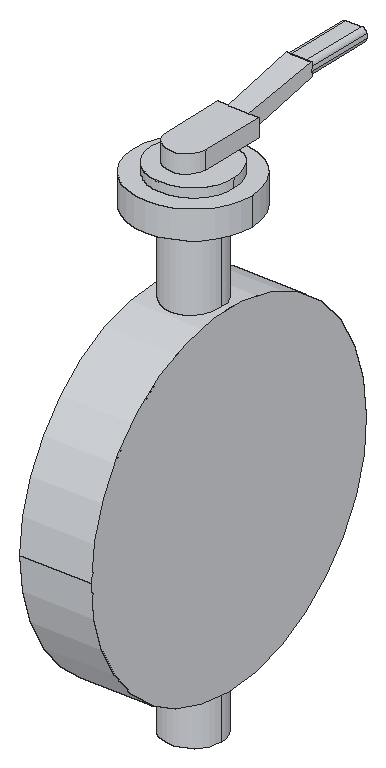
Revit family "HS497-67_disk-litina-s pákou DN300-RFA_2018", category Pipe Accessories, Revit 2018
Family settings
  Round Connector Dimension = Use Diameter
  Part Type = Valve - Breaks Into
  Work Plane-Based = No
  Always vertical = Yes
  Cut with Voids When Loaded = No
  Shared = No
Parameters (values of type "HS 497-67_DN300_PN16_s pákou")
  magiProductId = ""
  magiProductFamilyId = "53cea81e6f374d17b8841d9c72ad77"
  magiPartTypeId = 305
  isMeasuringValve [instance] = no
  ang2D [instance] = 0.00°
  X11 = 88.77 mm
  X1 = 36.77 mm
  W2D = 1000 mm
  VersionID = "2.0/2017.9.26.1/ZETKAMA_497_001"
  Use Minimum Symbol Size [instance] = yes
  URL = "http://www.hydronix.cz"
  Type Comments = "mezipřírubová; litinový disk; PN16; -10~+110°C (krátkodobě +120°C)"
  SW30 = no
  SW3 = no
  SW21 = no
  SW20 = yes
  SW2 = yes
  SW1 = no
  R = 150 mm
  QmdConnectorList = "301;D;302;D"
  Productdata [instance] = ""
  NC = 70 mm
  Model = ""
  Manufacturer = "Hydronix"  # constant formula
  MM20 = 36.77 mm
  MC Product Code = "120 300 (litinový disk, s pákou; DN300; PN16, kvs7037)"
  M41 = 91.5 mm
  M4 = 61 mm
  LHL = 220 mm
  LHH3 = 2.45 mm
  LHH1 = 46.55 mm
  LH1 = 73.333 mm
  L4R__ve = -L4R  # -22.2 mm
  L4R = 22.2 mm
  L42__ve = -L42  # -166.5 mm
  L42 = 166.5 mm
  L41__ve = -L41  # -33.3 mm
  L41 = 33.3 mm
  L2D_Min = 3048 mm
  L2D = 216 mm
  L2 = 39 mm
  L1 = 62.4 mm
  L = 78 mm
  H = 23 mm
  G22 = 11.25 mm
  G2 = 22.5 mm
  G1 = 90 mm
  G = 130 mm
  F = 22 mm
  E44 = 62.5 mm
  E42 = 125 mm
  E4 = 250 mm
  E23 = 4.9 mm
  E22 = 19.6 mm
  E21 = 9.8 mm
  Description = "Mezipřírubová uzavírací klapka s pákou; litinový disk, DN300; PN16; kvs7037"
  DR2 = 150 mm
  DR = 376 mm
  DD1 = 31.25 mm
  DD = 25 mm
  D = 300 mm
  CAT0 = yes
  B2__ve = -B2  # -90 mm
  B2 = 90 mm
  A2 = 30.8 mm
  A1 = 127.2 mm
Types (43, lengths in mm): name | magiProductId | X11 | X1 | Type Comments | SW30 | SW3 | SW20 | SW2 | SW1 | R | NC | MM20 | MC Product Code | M41 | M4 | LHL | LHH3 | LHH1 | LH1 | L4R__ve | L4R | L42__ve | L42 | L41__ve | L41 | L2 | L1 | L | H | G | F | E44 | E42 | E4 | E23 | E22 | E21 | Description | DR2 | DR | DD1 | DD | D | B2__ve | B2 | A2 | A1
  HS 497-67_DN100_PN16_volné vřeteno | "65d1b245f4f142c78569c0602d5754" | 61.456 | 25.456 | "mezipřírubová; litinový disk; PN16; -10~+110°C (krátkodobě +120°C)" | no | no | no | no | yes | 50 | 50 | 25.456 | "123 100 (litinový disk, s volným vřetenem; DN100; PN16, kvs512)" | 66 | 44 | 220 | 2.45 | 46.55 | 73.333 | -12.8 | 12.8 | -96 | 96 | -19.2 | 19.2 | 26 | 41.6 | 52 | 30 | 90 | 11 | 31.25 | 62.5 | 125 | 4.9 | 19.6 | 9.8 | "Mezipřírubová uzavírací klapka s volným vřetenem; litinový disk, DN100; PN16; kvs512" | 50 | 147 | 15.625 | 12.5 | 100 | -56 | 56 | 16.5 | 98.5
  HS 497-67_DN100_PN16_převodové kolo | "11e91b807e674d428c8e796fcdcfe2" | 61.456 | 25.456 | "mezipřírubová; litinový disk; PN16; -10~+110°C (krátkodobě +120°C)" | yes | yes | no | no | no | 50 | 50 | 25.456 | "125 100 (litinový disk, s převodovým kolem; DN100; PN16, kvs512)" | 65.25 | 43.5 | 220 | 2.45 | 46.55 | 73.333 | -12.8 | 12.8 | -96 | 96 | -19.2 | 19.2 | 26 | 41.6 | 52 | 30 | 90 | 11 | 31.25 | 62.5 | 125 | 4.9 | 19.6 | 9.8 | "Mezipřírubová uzavírací klapka s převodovým kolem; litinový disk, DN100; PN16; kvs512" | 50 | 147 | 15.625 | 12.5 | 100 | -56 | 56 | 16.5 | 98.5
  HS 497-67_DN100_PN16_s pákou | "28172f0b3f4b47b28323ac71cf8749" | 61.456 | 25.456 | "mezipřírubová; litinový disk; PN16; -10~+110°C (krátkodobě +120°C)" | no | no | yes | yes | no | 50 | 50 | 25.456 | "120 100 (litinový disk, s pákou; DN100; PN16, kvs512)" | 66 | 44 | 260 | 3 | 57 | 86.667 | -12.8 | 12.8 | -96 | 96 | -19.2 | 19.2 | 26 | 41.6 | 52 | 30 | 90 | 11 | 31.25 | 62.5 | 125 | 6 | 24 | 12 | "Mezipřírubová uzavírací klapka s pákou; litinový disk, DN100; PN16; kvs512" | 50 | 147 | 15.625 | 12.5 | 100 | -56 | 56 | 16.5 | 98.5
  HS 497-67_DN125_PN16_volné vřeteno | "0d813d910fc14f628bb3c2efbd185c" | 61.456 | 25.456 | "mezipřírubová; litinový disk; PN16; -10~+110°C (krátkodobě +120°C)" | no | no | no | no | yes | 62.5 | 50 | 25.456 | "123 125 (litinový disk, s volným vřetenem; DN125; PN16, kvs872)" | 66 | 44 | 220 | 2.45 | 46.55 | 73.333 | -12.8 | 12.8 | -96 | 96 | -19.2 | 19.2 | 28 | 44.8 | 56 | 33 | 90 | 14 | 31.25 | 62.5 | 125 | 4.9 | 19.6 | 9.8 | "Mezipřírubová uzavírací klapka s volným vřetenem; litinový disk, DN125; PN16; kvs872" | 62.5 | 180 | 15.625 | 12.5 | 125 | -64 | 64 | 18 | 99.5
  HS 497-67_DN125_PN16_převodové kolo | "c56b7c13f372467684996fb1e0e229" | 61.456 | 25.456 | "mezipřírubová; litinový disk; PN16; -10~+110°C (krátkodobě +120°C)" | yes | yes | no | no | no | 62.5 | 50 | 25.456 | "125 125 (litinový disk, s převodovým kolem; DN125; PN16, kvs872)" | 65.25 | 43.5 | 220 | 2.45 | 46.55 | 73.333 | -13.5 | 13.5 | -101.25 | 101.25 | -20.25 | 20.25 | 28 | 44.8 | 56 | 33 | 90 | 14 | 40 | 80 | 160 | 4.9 | 19.6 | 9.8 | "Mezipřírubová uzavírací klapka s převodovým kolem; litinový disk, DN125; PN16; kvs872" | 62.5 | 180 | 20 | 16 | 125 | -64 | 64 | 18 | 99.5
  HS 497-67_DN125_PN16_s pákou | "105993c79a91492399feef7931321a" | 61.456 | 25.456 | "mezipřírubová; litinový disk; PN16; -10~+110°C (krátkodobě +120°C)" | no | no | yes | yes | no | 62.5 | 50 | 25.456 | "120 125 (litinový disk, s pákou; DN125; PN16, kvs872)" | 66 | 44 | 315 | 3.75 | 71.25 | 105 | -12.8 | 12.8 | -96 | 96 | -19.2 | 19.2 | 28 | 44.8 | 56 | 33 | 90 | 14 | 31.25 | 62.5 | 125 | 7.5 | 30 | 15 | "Mezipřírubová uzavírací klapka s pákou; litinový disk, DN125; PN16; kvs872" | 62.5 | 180 | 15.625 | 12.5 | 125 | -64 | 64 | 18 | 99.5
  HS 497-67_DN150_PN16_volné vřeteno | "50c80cb8ab434f55ab7796e5ac1331" | 61.456 | 25.456 | "mezipřírubová; litinový disk; PN16; -10~+110°C (krátkodobě +120°C)" | no | no | no | no | yes | 75 | 50 | 25.456 | "123 150 (litinový disk, s volným vřetenem; DN150; PN16, kvs1347)" | 66 | 44 | 220 | 2.45 | 46.55 | 73.333 | -12.8 | 12.8 | -96 | 96 | -19.2 | 19.2 | 28 | 44.8 | 56 | 33 | 90 | 14 | 31.25 | 62.5 | 125 | 4.9 | 19.6 | 9.8 | "Mezipřírubová uzavírací klapka s volným vřetenem; litinový disk, DN150; PN16; kvs1347" | 75 | 206 | 15.625 | 12.5 | 150 | -58 | 58 | 19.3 | 98.7
  HS 497-67_DN150_PN16_převodové kolo | "d94a1a0cf83b476eb10011b327f709" | 61.456 | 25.456 | "mezipřírubová; litinový disk; PN16; -10~+110°C (krátkodobě +120°C)" | yes | yes | no | no | no | 75 | 50 | 25.456 | "125 150 (litinový disk, s převodovým kolem; DN150; PN16, kvs1347)" | 65.25 | 43.5 | 220 | 2.45 | 46.55 | 73.333 | -13.5 | 13.5 | -101.25 | 101.25 | -20.25 | 20.25 | 28 | 44.8 | 56 | 33 | 90 | 14 | 40 | 80 | 160 | 4.9 | 19.6 | 9.8 | "Mezipřírubová uzavírací klapka s převodovým kolem; litinový disk, DN150; PN16; kvs1347" | 75 | 206 | 20 | 16 | 150 | -58 | 58 | 19.3 | 98.7
  HS 497-67_DN150_PN16_s pákou | "4d2835523fe84828bc50ff0a5a0dfb" | 61.456 | 25.456 | "mezipřírubová; litinový disk; PN16; -10~+110°C (krátkodobě +120°C)" | no | no | yes | yes | no | 75 | 50 | 25.456 | "120 150 (litinový disk, s pákou; DN150; PN16, kvs1347)" | 66 | 44 | 315 | 3.75 | 71.25 | 105 | -12.8 | 12.8 | -96 | 96 | -19.2 | 19.2 | 28 | 44.8 | 56 | 33 | 90 | 14 | 31.25 | 62.5 | 125 | 7.5 | 30 | 15 | "Mezipřírubová uzavírací klapka s pákou; litinový disk, DN150; PN16; kvs1347" | 75 | 206 | 15.625 | 12.5 | 150 | -58 | 58 | 19.3 | 98.7
  HS 497-67_DN200_PN16_volné vřeteno | "5b29029eaeba47139ee1055a4b9201" | 61.456 | 25.456 | "mezipřírubová; litinový disk; PN16; -10~+110°C (krátkodobě +120°C)" | no | no | no | no | yes | 100 | 50 | 25.456 | "123 200 (litinový disk, s volným vřetenem; DN200; PN16, kvs2675)" | 66 | 44 | 220 | 2.45 | 46.55 | 73.333 | -12.8 | 12.8 | -96 | 96 | -19.2 | 19.2 | 30 | 48 | 60 | 33 | 90 | 17 | 31.25 | 62.5 | 125 | 4.9 | 19.6 | 9.8 | "Mezipřírubová uzavírací klapka s volným vřetenem; litinový disk, DN200; PN16; kvs2675" | 100 | 257 | 15.625 | 12.5 | 200 | -70 | 70 | 22.5 | 102.5
  HS 497-67_DN200_PN16_převodové kolo | "b2793cc1fcc44cf2a35062cd67c04f" | 61.456 | 25.456 | "mezipřírubová; litinový disk; PN16; -10~+110°C (krátkodobě +120°C)" | yes | yes | no | no | no | 100 | 57 | 25.456 | "125 200 (litinový disk, s převodovým kolem; DN200; PN16, kvs2675)" | 78.75 | 52.5 | 220 | 2.45 | 46.55 | 73.333 | -15.2 | 15.2 | -114 | 114 | -22.8 | 22.8 | 30 | 48 | 60 | 33 | 90 | 17 | 50 | 100 | 200 | 4.9 | 19.6 | 9.8 | "Mezipřírubová uzavírací klapka s převodovým kolem; litinový disk, DN200; PN16; kvs2675" | 100 | 257 | 25 | 20 | 200 | -70 | 70 | 22.5 | 102.5
  HS 497-67_DN200_PN16_s pákou | "f88d96c7af224537a51e72d7d8fffe" | 61.456 | 25.456 | "mezipřírubová; litinový disk; PN16; -10~+110°C (krátkodobě +120°C)" | no | no | yes | yes | no | 100 | 50 | 25.456 | "120 200 (litinový disk, s pákou; DN200; PN16, kvs2675)" | 66 | 44 | 315 | 3.75 | 71.25 | 105 | -12.8 | 12.8 | -96 | 96 | -19.2 | 19.2 | 30 | 48 | 60 | 33 | 90 | 17 | 31.25 | 62.5 | 125 | 7.5 | 30 | 15 | "Mezipřírubová uzavírací klapka s pákou; litinový disk, DN200; PN16; kvs2675" | 100 | 257 | 15.625 | 12.5 | 200 | -70 | 70 | 22.5 | 102.5
  HS 497-67_DN250_PN16_volné vřeteno | "b662e8305ca2402b9c510e66e6aa55" | 88.77 | 36.77 | "mezipřírubová; litinový disk; PN16; -10~+110°C (krátkodobě +120°C)" | no | no | no | no | yes | 125 | 50 | 36.77 | "123 250 (litinový disk, s volným vřetenem; DN250; PN16, kvs4555)" | 66 | 44 | 220 | 2.45 | 46.55 | 73.333 | -12.8 | 12.8 | -96 | 96 | -19.2 | 19.2 | 34 | 54.4 | 68 | 23 | 130 | 22 | 31.25 | 62.5 | 125 | 4.9 | 19.6 | 9.8 | "Mezipřírubová uzavírací klapka s volným vřetenem; litinový disk, DN250; PN16; kvs4555" | 125 | 324 | 15.625 | 12.5 | 250 | -85 | 85 | 28.25 | 129.25
  HS 497-67_DN250_PN16_převodové kolo | "5ee9016806664ddfaa2632711f295c" | 88.77 | 36.77 | "mezipřírubová; litinový disk; PN16; -10~+110°C (krátkodobě +120°C)" | yes | yes | no | no | no | 125 | 70 | 36.77 | "125 250 (litinový disk, s převodovým kolem; DN250; PN16, kvs4555)" | 91.5 | 61 | 220 | 2.45 | 46.55 | 73.333 | -22.2 | 22.2 | -166.5 | 166.5 | -33.3 | 33.3 | 34 | 54.4 | 68 | 23 | 130 | 22 | 62.5 | 125 | 250 | 4.9 | 19.6 | 9.8 | "Mezipřírubová uzavírací klapka s převodovým kolem; litinový disk, DN250; PN16; kvs4555" | 125 | 324 | 31.25 | 25 | 250 | -85 | 85 | 28.25 | 129.25
  HS 497-67_DN300_PN16_volné vřeteno | "e1886f51ff004380a649519258edf2" | 88.77 | 36.77 | "mezipřírubová; litinový disk; PN16; -10~+110°C (krátkodobě +120°C)" | no | no | no | no | yes | 150 | 50 | 36.77 | "123 300 (litinový disk, s volným vřetenem; DN300; PN16, kvs7037)" | 66 | 44 | 220 | 2.45 | 46.55 | 73.333 | -12.8 | 12.8 | -96 | 96 | -19.2 | 19.2 | 39 | 62.4 | 78 | 23 | 130 | 22 | 31.25 | 62.5 | 125 | 4.9 | 19.6 | 9.8 | "Mezipřírubová uzavírací klapka s volným vřetenem; litinový disk, DN300; PN16; kvs7037" | 150 | 376 | 15.625 | 12.5 | 300 | -90 | 90 | 30.8 | 127.2
  HS 497-67_DN300_PN16_převodové kolo | "6860f094f77d42088fbebc3c97f755" | 88.77 | 36.77 | "mezipřírubová; litinový disk; PN16; -10~+110°C (krátkodobě +120°C)" | yes | yes | no | no | no | 150 | 70 | 36.77 | "125 300 (litinový disk, s převodovým kolem; DN300; PN16, kvs7037)" | 91.5 | 61 | 220 | 2.45 | 46.55 | 73.333 | -22.2 | 22.2 | -166.5 | 166.5 | -33.3 | 33.3 | 39 | 62.4 | 78 | 23 | 130 | 22 | 62.5 | 125 | 250 | 4.9 | 19.6 | 9.8 | "Mezipřírubová uzavírací klapka s převodovým kolem; litinový disk, DN300; PN16; kvs7037" | 150 | 376 | 31.25 | 25 | 300 | -90 | 90 | 30.8 | 127.2
  HS 497-67_DN032_PN16_volné vřeteno | "8c5f65de52aa4067a77564107e31b2" | 61.456 | 25.456 | "mezipřírubová; litinový disk; PN16; -10~+110°C (krátkodobě +120°C)" | no | no | no | no | yes | 16 | 50 | 25.456 | "123 032 (litinový disk, s volným vřetenem; DN32; PN16, kvs78)" | 66 | 44 | 220 | 2.45 | 46.55 | 73.333 | -12.8 | 12.8 | -96 | 96 | -19.2 | 19.2 | 16.5 | 26.4 | 33 | 30 | 90 | 11 | 31.25 | 62.5 | 125 | 4.9 | 19.6 | 9.8 | "Mezipřírubová uzavírací klapka s volným vřetenem; litinový disk, DN32; PN16; kvs78" | 16 | 68 | 15.625 | 12.5 | 32 | -44.2 | 44.2 | 10.25 | 76.25
  HS 497-67_DN032_PN16_převodové kolo | "60aaeffa8b3a4e809ef000e4660060" | 61.456 | 25.456 | "mezipřírubová; litinový disk; PN16; -10~+110°C (krátkodobě +120°C)" | yes | yes | no | no | no | 16 | 50 | 25.456 | "125 032 (litinový disk, s převodovým kolem; DN32; PN16, kvs78)" | 65.25 | 43.5 | 220 | 2.45 | 46.55 | 73.333 | -12.8 | 12.8 | -96 | 96 | -19.2 | 19.2 | 16.5 | 26.4 | 33 | 30 | 90 | 11 | 31.25 | 62.5 | 125 | 4.9 | 19.6 | 9.8 | "Mezipřírubová uzavírací klapka s převodovým kolem; litinový disk, DN32; PN16; kvs78" | 16 | 68 | 15.625 | 12.5 | 32 | -44.2 | 44.2 | 10.25 | 76.25
  HS 497-67_DN032_PN16_s pákou | "9ad8088d610749a1b871aa2aad8007" | 61.456 | 25.456 | "mezipřírubová; litinový disk; PN16; -10~+110°C (krátkodobě +120°C)" | no | no | yes | yes | no | 16 | 50 | 25.456 | "120 032 (litinový disk, s pákou; DN32; PN16, kvs78)" | 66 | 44 | 220 | 2.45 | 46.55 | 73.333 | -12.8 | 12.8 | -96 | 96 | -19.2 | 19.2 | 16.5 | 26.4 | 33 | 30 | 90 | 11 | 31.25 | 62.5 | 125 | 4.9 | 19.6 | 9.8 | "Mezipřírubová uzavírací klapka s pákou; litinový disk, DN32; PN16; kvs78" | 16 | 68 | 15.625 | 12.5 | 32 | -44.2 | 44.2 | 10.25 | 76.25
  HS 497-67_DN350_PN10_volné vřeteno | "72a1e05f22944421b7e9596a877137" | 109.255 | 45.255 | "mezipřírubová; litinový disk; PN10; -10~+110°C (krátkodobě +120°C)" | no | no | no | no | yes | 175 | 50 | 45.255 | "123 350 (litinový disk, s volným vřetenem; DN350; PN10, kvs10165)" | 66 | 44 | 220 | 2.45 | 46.55 | 73.333 | -12.8 | 12.8 | -96 | 96 | -19.2 | 19.2 | 39 | 62.4 | 78 | 31 | 160 | 22 | 31.25 | 62.5 | 125 | 4.9 | 19.6 | 9.8 | "Mezipřírubová uzavírací klapka s volným vřetenem; litinový disk, DN350; PN10; kvs10165" | 175 | 430 | 15.625 | 12.5 | 350 | -88 | 88 | 33.85 | 129.65
  HS 497-67_DN350_PN10_převodové kolo | "a5a01426cb28494ba3afca92f1dace" | 109.255 | 45.255 | "mezipřírubová; litinový disk; PN10; -10~+110°C (krátkodobě +120°C)" | yes | yes | no | no | no | 175 | 70 | 45.255 | "125 350 (litinový disk, s převodovým kolem; DN350; PN10, kvs10165)" | 91.5 | 61 | 220 | 2.45 | 46.55 | 73.333 | -22.2 | 22.2 | -166.5 | 166.5 | -33.3 | 33.3 | 39 | 62.4 | 78 | 31 | 160 | 22 | 62.5 | 125 | 250 | 4.9 | 19.6 | 9.8 | "Mezipřírubová uzavírací klapka s převodovým kolem; litinový disk, DN350; PN10; kvs10165" | 175 | 430 | 31.25 | 25 | 350 | -88 | 88 | 33.85 | 129.65
  HS 497-67_DN400_PN10_volné vřeteno | "c70ebeb927c04ab99b176e257ad0a7" | 109.255 | 45.255 | "mezipřírubová; litinový disk; PN10; -10~+110°C (krátkodobě +120°C)" | no | no | no | no | yes | 200 | 50 | 45.255 | "123 400 (litinový disk, s volným vřetenem; DN400; PN10, kvs13799)" | 66 | 44 | 220 | 2.45 | 46.55 | 73.333 | -12.8 | 12.8 | -96 | 96 | -19.2 | 19.2 | 51 | 81.6 | 102 | 31 | 160 | 27 | 31.25 | 62.5 | 125 | 4.9 | 19.6 | 9.8 | "Mezipřírubová uzavírací klapka s volným vřetenem; litinový disk, DN400; PN10; kvs13799" | 200 | 485 | 15.625 | 12.5 | 400 | -108 | 108 | 38 | 142
  HS 497-67_DN400_PN10_převodové kolo | "cc64a4384dcb41b780d81810f4f293" | 109.255 | 45.255 | "mezipřírubová; litinový disk; PN10; -10~+110°C (krátkodobě +120°C)" | yes | yes | no | no | no | 200 | 72.5 | 45.255 | "125 400 (litinový disk, s převodovým kolem; DN400; PN10, kvs13799)" | 103.5 | 69 | 220 | 2.45 | 46.55 | 73.333 | -27.8 | 27.8 | -208.5 | 208.5 | -41.7 | 41.7 | 51 | 81.6 | 102 | 31 | 160 | 27 | 75 | 150 | 300 | 4.9 | 19.6 | 9.8 | "Mezipřírubová uzavírací klapka s převodovým kolem; litinový disk, DN400; PN10; kvs13799" | 200 | 485 | 37.5 | 30 | 400 | -108 | 108 | 38 | 142
  HS 497-67_DN040_PN16_volné vřeteno | "35f92312390745e88df5b5c325d9ee" | 61.456 | 25.456 | "mezipřírubová; litinový disk; PN16; -10~+110°C (krátkodobě +120°C)" | no | no | no | no | yes | 20 | 50 | 25.456 | "123 040 (litinový disk, s volným vřetenem; DN40; PN16, kvs78)" | 66 | 44 | 220 | 2.45 | 46.55 | 73.333 | -12.8 | 12.8 | -96 | 96 | -19.2 | 19.2 | 16.5 | 26.4 | 33 | 30 | 90 | 11 | 31.25 | 62.5 | 125 | 4.9 | 19.6 | 9.8 | "Mezipřírubová uzavírací klapka s volným vřetenem; litinový disk, DN40; PN16; kvs78" | 20 | 76 | 15.625 | 12.5 | 40 | -36 | 36 | 11 | 79
  HS 497-67_DN040_PN16_převodové kolo | "d88e968eae3445bc9b7b4e6ff35127" | 61.456 | 25.456 | "mezipřírubová; litinový disk; PN16; -10~+110°C (krátkodobě +120°C)" | yes | yes | no | no | no | 20 | 50 | 25.456 | "125 040 (litinový disk, s převodovým kolem; DN40; PN16, kvs78)" | 65.25 | 43.5 | 220 | 2.45 | 46.55 | 73.333 | -12.8 | 12.8 | -96 | 96 | -19.2 | 19.2 | 16.5 | 26.4 | 33 | 30 | 90 | 11 | 31.25 | 62.5 | 125 | 4.9 | 19.6 | 9.8 | "Mezipřírubová uzavírací klapka s převodovým kolem; litinový disk, DN40; PN16; kvs78" | 20 | 76 | 15.625 | 12.5 | 40 | -36 | 36 | 11 | 79
  HS 497-67_DN040_PN16_s pákou | "c1b522ca65b4407a98818f232eaacb" | 61.456 | 25.456 | "mezipřírubová; litinový disk; PN16; -10~+110°C (krátkodobě +120°C)" | no | no | yes | yes | no | 20 | 50 | 25.456 | "120 040 (litinový disk, s pákou; DN40; PN16, kvs78)" | 66 | 44 | 220 | 2.45 | 46.55 | 73.333 | -12.8 | 12.8 | -96 | 96 | -19.2 | 19.2 | 16.5 | 26.4 | 33 | 30 | 90 | 11 | 31.25 | 62.5 | 125 | 4.9 | 19.6 | 9.8 | "Mezipřírubová uzavírací klapka s pákou; litinový disk, DN40; PN16; kvs78" | 20 | 76 | 15.625 | 12.5 | 40 | -36 | 36 | 11 | 79
  HS 497-67_DN450_PN10_volné vřeteno | "a8358bc282f14872b3194e530e590a" | 129.74 | 53.74 | "mezipřírubová; litinový disk; PN10; -10~+110°C (krátkodobě +120°C)" | no | no | no | no | yes | 225 | 50 | 53.74 | "123 450 (litinový disk, s volným vřetenem; DN450; PN10, kvs18514)" | 66 | 44 | 220 | 2.45 | 46.55 | 73.333 | -12.8 | 12.8 | -96 | 96 | -19.2 | 19.2 | 57 | 91.2 | 114 | 38 | 190 | 36 | 31.25 | 62.5 | 125 | 4.9 | 19.6 | 9.8 | "Mezipřírubová uzavírací klapka s volným vřetenem; litinový disk, DN450; PN10; kvs18514" | 225 | 536 | 15.625 | 12.5 | 450 | -115 | 115 | 38.05 | 117.45
  HS 497-67_DN450_PN10_převodové kolo | "cdf2d80f54a9414f9cbe50647c0ebd" | 129.74 | 53.74 | "mezipřírubová; litinový disk; PN10; -10~+110°C (krátkodobě +120°C)" | yes | yes | no | no | no | 225 | 91.5 | 53.74 | "125 450 (litinový disk, s převodovým kolem; DN450; PN10, kvs18514)" | 144.75 | 96.5 | 220 | 2.45 | 46.55 | 73.333 | -32.1 | 32.1 | -240.75 | 240.75 | -48.15 | 48.15 | 57 | 91.2 | 114 | 38 | 190 | 36 | 100 | 200 | 400 | 4.9 | 19.6 | 9.8 | "Mezipřírubová uzavírací klapka s převodovým kolem; litinový disk, DN450; PN10; kvs18514" | 225 | 536 | 50 | 40 | 450 | -115 | 115 | 38.05 | 117.45
  HS 497-67_DN500_PN10_volné vřeteno | "8c396e27bb2743f98f3c762b6517cd" | 143.397 | 59.397 | "mezipřírubová; litinový disk; PN10; -10~+110°C (krátkodobě +120°C)" | no | no | no | no | yes | 250 | 50 | 59.397 | "123 500 (litinový disk, s volným vřetenem; DN500; PN10, kvs23805)" | 66 | 44 | 220 | 2.45 | 46.55 | 73.333 | -12.8 | 12.8 | -96 | 96 | -19.2 | 19.2 | 63.5 | 101.6 | 127 | 38 | 210 | 36 | 31.25 | 62.5 | 125 | 4.9 | 19.6 | 9.8 | "Mezipřírubová uzavírací klapka s volným vřetenem; litinový disk, DN500; PN10; kvs23805" | 250 | 593 | 15.625 | 12.5 | 500 | -130 | 130 | 43.25 | 139.25
  HS 497-67_DN500_PN10_převodové kolo | "7647804f32e94cef828a7034a91a46" | 143.397 | 59.397 | "mezipřírubová; litinový disk; PN10; -10~+110°C (krátkodobě +120°C)" | yes | yes | no | no | no | 250 | 91.5 | 59.397 | "125 500 (litinový disk, s převodovým kolem; DN500; PN10, kvs23805)" | 144.75 | 96.5 | 220 | 2.45 | 46.55 | 73.333 | -32.1 | 32.1 | -240.75 | 240.75 | -48.15 | 48.15 | 63.5 | 101.6 | 127 | 38 | 210 | 36 | 100 | 200 | 400 | 4.9 | 19.6 | 9.8 | "Mezipřírubová uzavírací klapka s převodovým kolem; litinový disk, DN500; PN10; kvs23805" | 250 | 593 | 50 | 40 | 500 | -130 | 130 | 43.25 | 139.25
  HS 497-67_DN050_PN16_volné vřeteno | "d71f296ecd6d4adf8f6e5d9853b4e0" | 61.456 | 25.456 | "mezipřírubová; litinový disk; PN16; -10~+110°C (krátkodobě +120°C)" | no | no | no | no | yes | 25 | 50 | 25.456 | "123 050 (litinový disk, s volným vřetenem; DN50; PN16, kvs98)" | 66 | 44 | 220 | 2.45 | 46.55 | 73.333 | -12.8 | 12.8 | -96 | 96 | -19.2 | 19.2 | 21.5 | 34.4 | 43 | 30 | 90 | 11 | 31.25 | 62.5 | 125 | 4.9 | 19.6 | 9.8 | "Mezipřírubová uzavírací klapka s volným vřetenem; litinový disk, DN50; PN16; kvs98" | 25 | 100 | 15.625 | 12.5 | 50 | -36.5 | 36.5 | 12 | 83
  HS 497-67_DN050_PN16_převodové kolo | "2fb080deeaed49c58418b94c1da5a4" | 61.456 | 25.456 | "mezipřírubová; litinový disk; PN16; -10~+110°C (krátkodobě +120°C)" | yes | yes | no | no | no | 25 | 50 | 25.456 | "125 050 (litinový disk, s převodovým kolem; DN50; PN16, kvs98)" | 65.25 | 43.5 | 220 | 2.45 | 46.55 | 73.333 | -12.8 | 12.8 | -96 | 96 | -19.2 | 19.2 | 21.5 | 34.4 | 43 | 30 | 90 | 11 | 31.25 | 62.5 | 125 | 4.9 | 19.6 | 9.8 | "Mezipřírubová uzavírací klapka s převodovým kolem; litinový disk, DN50; PN16; kvs98" | 25 | 100 | 15.625 | 12.5 | 50 | -36.5 | 36.5 | 12 | 83
  HS 497-67_DN050_PN16_s pákou | "dabc632061f94877a994b9b4e68112" | 61.456 | 25.456 | "mezipřírubová; litinový disk; PN16; -10~+110°C (krátkodobě +120°C)" | no | no | yes | yes | no | 25 | 50 | 25.456 | "120 050 (litinový disk, s pákou; DN50; PN16, kvs98)" | 66 | 44 | 220 | 2.45 | 46.55 | 73.333 | -12.8 | 12.8 | -96 | 96 | -19.2 | 19.2 | 21.5 | 34.4 | 43 | 30 | 90 | 11 | 31.25 | 62.5 | 125 | 4.9 | 19.6 | 9.8 | "Mezipřírubová uzavírací klapka s pákou; litinový disk, DN50; PN16; kvs98" | 25 | 100 | 15.625 | 12.5 | 50 | -36.5 | 36.5 | 12 | 83
  HS 497-67_DN600_PN10_volné vřeteno | "99d5892c14664fce81a7c5903f7711" | 143.397 | 59.397 | "mezipřírubová; litinový disk; PN10; -10~+110°C (krátkodobě +120°C)" | no | no | no | no | yes | 300 | 50 | 59.397 | "123 600 (litinový disk, s volným vřetenem; DN600; PN10, kvs36778)" | 66 | 44 | 220 | 2.45 | 46.55 | 73.333 | -12.8 | 12.8 | -96 | 96 | -19.2 | 19.2 | 77 | 123.2 | 154 | 80 | 210 | 60 | 31.25 | 62.5 | 125 | 4.9 | 19.6 | 9.8 | "Mezipřírubová uzavírací klapka s volným vřetenem; litinový disk, DN600; PN10; kvs36788" | 300 | 690 | 15.625 | 12.5 | 600 | -140 | 140 | 49.4 | 144.6
  HS 497-67_DN600_PN10_převodové kolo | "b1e26faab48a4c499f6bb11e7e3002" | 143.397 | 59.397 | "mezipřírubová; litinový disk; PN10; -10~+110°C (krátkodobě +120°C)" | yes | yes | no | no | no | 300 | 140 | 59.397 | "125 600 (litinový disk, s převodovým kolem; DN600; PN10, kvs36778)" | 206.25 | 137.5 | 220 | 2.45 | 46.55 | 73.333 | -40.8 | 40.8 | -306 | 306 | -61.2 | 61.2 | 77 | 123.2 | 154 | 80 | 210 | 60 | 125 | 250 | 500 | 4.9 | 19.6 | 9.8 | "Mezipřírubová uzavírací klapka s převodovým kolem; litinový disk, DN600; PN10; kvs36788" | 300 | 690 | 62.5 | 50 | 600 | -140 | 140 | 49.4 | 144.6
  HS 497-67_DN065_PN16_volné vřeteno | "5e5e208646e34ec29f889baab5d08e" | 61.456 | 25.456 | "mezipřírubová; litinový disk; PN16; -10~+110°C (krátkodobě +120°C)" | no | no | no | no | yes | 32.5 | 50 | 25.456 | "123 065 (litinový disk, s volným vřetenem; DN65; PN16, kvs167)" | 66 | 44 | 220 | 2.45 | 46.55 | 73.333 | -12.8 | 12.8 | -96 | 96 | -19.2 | 19.2 | 23 | 36.8 | 46 | 30 | 90 | 11 | 31.25 | 62.5 | 125 | 4.9 | 19.6 | 9.8 | "Mezipřírubová uzavírací klapka s volným vřetenem; litinový disk, DN65; PN16; kv167" | 32.5 | 108 | 15.625 | 12.5 | 65 | -36.5 | 36.5 | 13.5 | 89
  HS 497-67_DN065_PN16_převodové kolo | "654d74c8d15540b0bfe523d988ccb3" | 61.456 | 25.456 | "mezipřírubová; litinový disk; PN16; -10~+110°C (krátkodobě +120°C)" | yes | yes | no | no | no | 32.5 | 50 | 25.456 | "125 065 (litinový disk, s převodovým kolem; DN65; PN16, kvs167)" | 65.25 | 43.5 | 220 | 2.45 | 46.55 | 73.333 | -12.8 | 12.8 | -96 | 96 | -19.2 | 19.2 | 23 | 36.8 | 46 | 30 | 90 | 11 | 31.25 | 62.5 | 125 | 4.9 | 19.6 | 9.8 | "Mezipřírubová uzavírací klapka s převodovým kolem; litinový disk, DN65; PN16; kvs167" | 32.5 | 108 | 15.625 | 12.5 | 65 | -36.5 | 36.5 | 13.5 | 89
  HS 497-67_DN065_PN16_s pákou | "ebeb4b59db0641caaf6d6635ab37b9" | 61.456 | 25.456 | "mezipřírubová; litinový disk; PN16; -10~+110°C (krátkodobě +120°C)" | no | no | yes | yes | no | 32.5 | 50 | 25.456 | "120 065 (litinový disk, s pákou; DN65; PN16, kvs167)" | 66 | 44 | 220 | 2.45 | 46.55 | 73.333 | -12.8 | 12.8 | -96 | 96 | -19.2 | 19.2 | 23 | 36.8 | 46 | 30 | 90 | 11 | 31.25 | 62.5 | 125 | 4.9 | 19.6 | 9.8 | "Mezipřírubová uzavírací klapka s pákou; litinový disk, DN65; PN16; kvs167" | 32.5 | 108 | 15.625 | 12.5 | 65 | -36.5 | 36.5 | 13.5 | 89
  HS 497-67_DN080_PN16_volné vřeteno | "9e85c75c18654e1185a9c48ed6b00e" | 61.456 | 25.456 | "mezipřírubová; litinový disk; PN16; -10~+110°C (krátkodobě +120°C)" | no | no | no | no | yes | 40 | 50 | 25.456 | "123 080 (litinový disk, s volným vřetenem; DN80; PN16, kvs258)" | 66 | 44 | 220 | 2.45 | 46.55 | 73.333 | -12.8 | 12.8 | -96 | 96 | -19.2 | 19.2 | 23 | 36.8 | 46 | 30 | 90 | 11 | 31.25 | 62.5 | 125 | 4.9 | 19.6 | 9.8 | "Mezipřírubová uzavírací klapka s volným vřetenem; litinový disk, DN80; PN16; kvs258" | 40 | 124 | 15.625 | 12.5 | 80 | -54 | 54 | 14.1 | 86.9
  HS 497-67_DN080_PN16_převodové kolo | "5b3c8238c3d041e68c75b199e7ea46" | 61.456 | 25.456 | "mezipřírubová; litinový disk; PN16; -10~+110°C (krátkodobě +120°C)" | yes | yes | no | no | no | 40 | 50 | 25.456 | "125 080 (litinový disk, s převodovým kolem; DN80; PN16, kvs258)" | 65.25 | 43.5 | 220 | 2.45 | 46.55 | 73.333 | -12.8 | 12.8 | -96 | 96 | -19.2 | 19.2 | 23 | 36.8 | 46 | 30 | 90 | 11 | 31.25 | 62.5 | 125 | 4.9 | 19.6 | 9.8 | "Mezipřírubová uzavírací klapka s převodovým kolem; litinový disk, DN80; PN16; kvs258" | 40 | 124 | 15.625 | 12.5 | 80 | -54 | 54 | 14.1 | 86.9
  HS 497-67_DN080_PN16_s pákou | "e414795fab0f4eccb99bc3572c5477" | 61.456 | 25.456 | "mezipřírubová; litinový disk; PN16; -10~+110°C (krátkodobě +120°C)" | no | no | yes | yes | no | 40 | 50 | 25.456 | "120 080 (litinový disk, s pákou; DN80; PN16, kvs258)" | 66 | 44 | 260 | 3 | 57 | 86.667 | -12.8 | 12.8 | -96 | 96 | -19.2 | 19.2 | 23 | 36.8 | 46 | 30 | 90 | 11 | 31.25 | 62.5 | 125 | 6 | 24 | 12 | "Mezipřírubová uzavírací klapka s pákou; litinový disk, DN80; PN16; kvs258" | 40 | 124 | 15.625 | 12.5 | 80 | -54 | 54 | 14.1 | 86.9
  HS 497-67_DN250_PN16_s pákou | "" | 88.77 | 36.77 | "mezipřírubová; litinový disk; PN16; -10~+110°C (krátkodobě +120°C)" | no | no | yes | yes | no | 125 | 70 | 36.77 | "120 250 (litinový disk, s pákou; DN250; PN16, kvs4555)" | 91.5 | 61 | 220 | 2.45 | 46.55 | 73.333 | -22.2 | 22.2 | -166.5 | 166.5 | -33.3 | 33.3 | 34 | 54.4 | 68 | 23 | 130 | 22 | 62.5 | 125 | 250 | 4.9 | 19.6 | 9.8 | "Mezipřírubová uzavírací klapka s pákou; litinový disk, DN250; PN16; kvs4555" | 125 | 324 | 31.25 | 25 | 250 | -85 | 85 | 28.25 | 129.25
  HS 497-67_DN300_PN16_s pákou | "" | 88.77 | 36.77 | "mezipřírubová; litinový disk; PN16; -10~+110°C (krátkodobě +120°C)" | no | no | yes | yes | no | 150 | 70 | 36.77 | "120 300 (litinový disk, s pákou; DN300; PN16, kvs7037)" | 91.5 | 61 | 220 | 2.45 | 46.55 | 73.333 | -22.2 | 22.2 | -166.5 | 166.5 | -33.3 | 33.3 | 39 | 62.4 | 78 | 23 | 130 | 22 | 62.5 | 125 | 250 | 4.9 | 19.6 | 9.8 | "Mezipřírubová uzavírací klapka s pákou; litinový disk, DN300; PN16; kvs7037" | 150 | 376 | 31.25 | 25 | 300 | -90 | 90 | 30.8 | 127.2
Reference planes
  plane 1 "Center (Front/Back)": y = 0
  plane 2 "XYPLANE": z = 0
  plane 3 "Center (Left/Right)": x = 0
  plane 4 "473": x = -36.77
  plane 5 "472": x = -91.5
  plane 6 "471": y = -36.77
  plane 7 "470": y = 36.77
  plane 8 "469": x = -61
  plane 9 "468": y = -199.8
  plane 10 "467": y = -166.5
  plane 11 "466": z = 370.5
  plane 12 "465": z = 354.55
  plane 13 "464": y = 145.417
  plane 14 "463": z = 344.75
  plane 15 "462": z = 327.6
  plane 16 "461": z = 337.4
  plane 17 "460": y = 72.083
  plane 18 "459": x = -11.25
  plane 19 "458": x = 11.25
  plane 20 "457": y = -6.25
  plane 21 "456": x = -17.5
  plane 22 "455": x = 17.5
  plane 23 "454": z = 342.3
  plane 24 "453": y = 62.083
  plane 25 "452": y = -11.25
  plane 26 "451": x = -22.5
  plane 27 "450": x = 22.5
  plane 28 "449": z = 322.7
  plane 29 "448": z = 317.8
  plane 30 "447": z = -150
  plane 31 "446": z = 308
  plane 32 "445": z = 277.2
  plane 33 "444": z = 150
  plane 34 "443": x = 39
  plane 35 "442": x = -39
  plane 36 "441": z = 0
  plane 37 "440": y = 0
  plane 38 "439": x = 0
  plane 39 "438": z = 357
  plane 40 "437": z = 342.3
  plane 41 "436": x = 13.7
  plane 42 "435": x = -13.7
  plane 43 "434": y = 220
Forms (mm)
  Extrusion 1, solid, visible <- "SW3"
    sketch origin (-750, 0, 308) x (1, 0, 0) y (0, 1, 0)
      loop
        line (658.5, 36.77) -> (658.5, -36.77) -> (713.23, -36.77)
        arc (713.23, -36.77) -> (802, 0) -> (713.23, 36.77) r 52
        line (713.23, 36.77) -> (658.5, 36.77)
    from 0 to 125 <- "E42"
  Extrusion 2, solid, visible <- "SW30"
    sketch origin (0, -750, 0) x (0, 1, 0) y (0, 0, 1)
      loop
        circle (750, 370.5) r 15.625
    from 0 to 70 <- "NC"
  Extrusion 3, solid, visible <- "SW30"
    sketch origin (750, -199.8, 0) x (-1, 0, 0) y (0, 0, 1)
      loop
        circle (811, 370.5) r 125
    from 0 to -22.2 <- "L4R__ve"
  Extrusion 4, solid, visible <- "SW3"
    sketch origin (750, -166.5, 0) x (-1, 0, 0) y (0, 0, 1)
      loop
        circle (811, 370.5) r 15.625
    from 0 to -33.3 <- "L41__ve"
  Extrusion 5, solid, visible <- "SW30"
    sketch origin (750, 0, 0) x (-1, 0, 0) y (0, 0, 1)
      loop
        circle (811, 370.5) r 12.5
    from 0 to -166.5 <- "L42__ve"
  Blend 6, solid, visible <- "SW21"
    base sketch origin (750, 72.083, 0) x (-1, 0, 0) y (0, 0, 1)
      loop
        line (761.25, 337.4) -> (738.75, 337.4) -> (738.75, 327.6) -> (761.25, 327.6) -> (761.25, 337.4)
    top sketch origin (750, 72.083, 0) x (-1, 0, 0) y (0, 0, 1)
      loop
        line (761.25, 354.55) -> (738.75, 354.55) -> (738.75, 344.75) -> (761.25, 344.75) -> (761.25, 354.55)
    from 0 to 73.333
  Blend 7, solid, visible <- "SW21"
    base sketch origin (750, 62.083, 0) x (-1, 0, 0) y (0, 0, 1)
      loop
        line (761.25, 342.3) -> (738.75, 342.3) -> (738.75, 322.7) -> (761.25, 322.7) -> (761.25, 342.3)
    top sketch origin (750, 62.083, 0) x (-1, 0, 0) y (0, 0, 1)
      loop
        line (761.25, 337.4) -> (738.75, 337.4) -> (738.75, 327.6) -> (761.25, 327.6) -> (761.25, 337.4)
    from 0 to 10
  Blend 8, solid, visible <- "SW21"
    base sketch origin (-750, 0, 322.7) x (1, 0, 0) y (0, 1, 0)
      loop
        line (772.5, 62.083) -> (727.5, 62.083) -> (727.5, -11.25)
        arc (727.5, -11.25) -> (750, -31.25) -> (772.5, -11.25) r 22.656
        line (772.5, -11.25) -> (772.5, 62.083)
    top sketch origin (-750, 0, 322.7) x (1, 0, 0) y (0, 1, 0)
      loop
        line (767.5, 62.083) -> (732.5, 62.083) -> (732.5, -6.25)
        arc (732.5, -6.25) -> (750, -26.25) -> (767.5, -6.25) r 17.656
        line (767.5, -6.25) -> (767.5, 62.083)
    from 0 to 19.6
  Extrusion 9, solid, visible <- "SW2"
    sketch origin (-750, 0, 317.8) x (1, 0, 0) y (0, 1, 0)
      loop
        circle (750, 0) r 11.25
    from 0 to 4.9 <- "E23"
  Extrusion 10, solid, visible <- "SW2"
    sketch origin (-750, 0, 308) x (1, 0, 0) y (0, 1, 0)
      loop
        circle (750, 0) r 45
    from 0 to 9.8 <- "E21"
  Extrusion 11, solid, visible <- "CAT0"
    sketch origin (-750, 0, -150) x (1, 0, 0) y (0, 1, 0)
      loop
        circle (750, 0) r 31.2
    from 0 to -90 <- "B2__ve"
  Extrusion 12, solid, visible <- "CAT0"
    sketch origin (-750, 0, 277.2) x (1, 0, 0) y (0, 1, 0)
      loop
        circle (750, 0) r 65
    from 0 to 30.8 <- "A2"
  Extrusion 13, solid, visible <- "CAT0"
    sketch origin (-750, 0, 150) x (1, 0, 0) y (0, 1, 0)
      loop
        circle (750, 0) r 31.2
    from 0 to 127.2 <- "A1"
  Extrusion 14, solid, visible <- "CAT0"
    sketch origin (-39, -750, 0) x (0, 1, 0) y (0, 0, 1)
      loop
        circle (750, 0) r 188
    from 0 to 78 <- "L"
  Extrusion 15, solid, visible <- "SW1"
    sketch origin (-750, 0, 308) x (1, 0, 0) y (0, 1, 0)
      loop
        line (761, 11) -> (739, 11) -> (739, -11) -> (761, -11) -> (761, 11)
    from 0 to 23 <- "H"
  Blend 16, solid, visible <- "SW2"
    base sketch origin (750, 145.417, 0) x (-1, 0, 0) y (0, 0, 1)
      loop
        arc (763.7, 352) -> (762.236, 355.536) -> (758.7, 357) r 5
        line (758.7, 357) -> (741.3, 357)
        arc (741.3, 357) -> (737.764, 355.536) -> (736.3, 352) r 5
        line (736.3, 352) -> (736.3, 347.3)
        arc (736.3, 347.3) -> (737.764, 343.764) -> (741.3, 342.3) r 5
        line (741.3, 342.3) -> (758.7, 342.3)
        arc (758.7, 342.3) -> (762.236, 343.764) -> (763.7, 347.3) r 5
        line (763.7, 347.3) -> (763.7, 352)
    top sketch origin (750, 145.417, 0) x (-1, 0, 0) y (0, 0, 1)
      loop
        arc (763.7, 352) -> (762.236, 355.536) -> (758.7, 357) r 5
        line (758.7, 357) -> (741.3, 357)
        arc (741.3, 357) -> (737.764, 355.536) -> (736.3, 352) r 5
        line (736.3, 352) -> (736.3, 347.3)
        arc (736.3, 347.3) -> (737.764, 343.764) -> (741.3, 342.3) r 5
        line (741.3, 342.3) -> (758.7, 342.3)
        arc (758.7, 342.3) -> (762.236, 343.764) -> (763.7, 347.3) r 5
        line (763.7, 347.3) -> (763.7, 352)
    from 0 to 74.583
  Blend 17, solid, visible <- "SW20"
    base sketch origin (750, 145.417, 0) x (-1, 0, 0) y (0, 0, 1)
      loop
        line (763.7, 357) -> (736.3, 357) -> (736.3, 342.3) -> (763.7, 342.3) -> (763.7, 357)
    top sketch origin (750, 145.417, 0) x (-1, 0, 0) y (0, 0, 1)
      loop
        line (761.25, 342.3) -> (738.75, 342.3) -> (738.75, 322.7) -> (761.25, 322.7) -> (761.25, 342.3)
    from 0 to -83.333
  Extrusion 18, solid, visible <- "SW20"
    sketch origin (-750, 0, 322.7) x (1, 0, 0) y (0, 1, 0)
      loop
        line (772.5, 62.083) -> (727.5, 62.083) -> (727.5, -11.25)
        arc (727.5, -11.25) -> (750, -31.25) -> (772.5, -11.25) r 22.656
        line (772.5, -11.25) -> (772.5, 62.083)
    from 0 to 19.6 <- "E22"
  Extrusion 19, solid, not visible
    sketch origin (-39, -750, 0) x (0, 1, 0) y (0, 0, 1)
      loop
        circle (750, 0) r 10
    from 0 to 10
  Extrusion 20, solid, not visible
    sketch origin (39, -750, 0) x (0, 1, 0) y (0, 0, 1)
      loop
        circle (750, 0) r 10
    from 0 to -10
Lines and regions (mm)
  reference lines, not visible
    curve 1: circle (2, 2, 0) r 1 normal (0, 0, 1)
  reference lines
    curve 2: line (-36.77, -36.77, 308) -> (-36.77, 36.77, 308)
    curve 3: line (-17.5, -6.25, 322.7) -> (17.5, -6.25, 322.7)
    curve 4: line (-22.5, -11.25, 322.7) -> (22.5, -11.25, 322.7)
    curve 5: circle (0, 0, 308) r 1 normal (0, 0, 1)
    curve 6: line (-22.5, -11.25, 322.7) -> (22.5, -11.25, 322.7)
Dimensions and locks
  plane 1 "Center (Front/Back)" to curve 1 = 2 mm
  "X1": plane 3 "Center (Left/Right)" to plane 4 "473"
  "M41": plane 3 "Center (Left/Right)" to plane 5 "472"
  "MM20": plane 1 "Center (Front/Back)" to plane 6 "471"
  "MM20": plane 1 "Center (Front/Back)" to plane 7 "470"
  "M4": plane 3 "Center (Left/Right)" to plane 8 "469"
  "L41": plane 10 "467" to plane 9 "468"
  "L42": plane 1 "Center (Front/Back)" to plane 10 "467"
  "E44": plane 31 "446" to plane 11 "466"
  "LHH1": plane 31 "446" to plane 12 "465"
  "LH1": plane 17 "460" to plane 13 "464"
  "E21": plane 12 "465" to plane 14 "463"
  "E21": plane 16 "461" to plane 15 "462"
  "E23": plane 23 "454" to plane 16 "461"
  locked: plane 24 "453" to plane 17 "460" at 10
  "G22": plane 3 "Center (Left/Right)" to plane 18 "459"
  "G22": plane 3 "Center (Left/Right)" to plane 19 "458"
  locked: plane 25 "452" to plane 20 "457" at 5
  locked: plane 26 "451" to plane 21 "456" at 5
  locked: plane 27 "450" to plane 22 "455" at 5
  "E22": plane 28 "449" to plane 23 "454"
  "LH1": plane 25 "452" to plane 24 "453"
  "G22": plane 1 "Center (Front/Back)" to plane 25 "452"
  "G2": plane 3 "Center (Left/Right)" to plane 26 "451"
  "G2": plane 3 "Center (Left/Right)" to plane 27 "450"
  "E23": plane 29 "448" to plane 28 "449"
  "E21": plane 31 "446" to plane 29 "448"
  "R": plane 2 "XYPLANE" to plane 30 "447"
  "A2": plane 32 "445" to plane 31 "446"
  "A1": plane 33 "444" to plane 32 "445"
  "DR2": plane 2 "XYPLANE" to plane 33 "444"
  "L2": plane 3 "Center (Left/Right)" to plane 34 "443"
  "L2": plane 3 "Center (Left/Right)" to plane 35 "442"
  locked: plane 2 "XYPLANE" to plane 36 "441"
  locked: plane 1 "Center (Front/Back)" to plane 37 "440"
  locked: plane 3 "Center (Left/Right)" to plane 38 "439"
  "LHH3": plane 12 "465" to plane 39 "438"
  "LHH3": plane 14 "463" to plane 40 "437"
  "LHH3": plane 19 "458" to plane 41 "436"
  "LHH3": plane 18 "459" to plane 42 "435"
  "LHL": plane 1 "Center (Front/Back)" to plane 43 "434"
  "X11": curve 2 to Extrusion 1 sketch curve
  Extrusion 1 sketch curve to Extrusion 1 sketch curve = 0 mm  (x8)
  Blend 6 sketch curve to Blend 6 sketch curve = 0 mm  (x16)
  Blend 7 sketch curve to Blend 7 sketch curve = 0 mm  (x16)
  Blend 8 sketch curve to Blend 8 sketch curve = 0 mm  (x16)
  equal spacing: Extrusion 15 sketch curve, curve 5, Extrusion 15 sketch curve  (x2)
  "F": Extrusion 15 sketch curve to Extrusion 15 sketch curve  (x2)
  Blend 16 sketch curve to Blend 16 sketch curve = 0 mm  (x32)
  Blend 17 sketch curve to Blend 17 sketch curve = 0 mm  (x16)
  Extrusion 18 sketch curve to Extrusion 18 sketch curve = 0 mm  (x8)
  "DD1": diameter of Extrusion 2 sketch curve
  "E4": diameter of Extrusion 3 sketch curve
  "DD1": diameter of Extrusion 4 sketch curve
  "DD": diameter of Extrusion 5 sketch curve
  "G2": diameter of Extrusion 9 sketch curve
  "G1": diameter of Extrusion 10 sketch curve
  "L1": diameter of Extrusion 11 sketch curve
  "G": diameter of Extrusion 12 sketch curve
  "L1": diameter of Extrusion 13 sketch curve
  "DR": diameter of Extrusion 14 sketch curve
  radius of Blend 16 sketch curve = 5 mm  (x8)
  aligned and locked: level to plane 2 "XYPLANE"
  aligned and locked: Extrusion 1 sketch curve to plane 5 "472"
  aligned and locked: plane 7 "470" to Extrusion 1 sketch curve
  aligned and locked: plane 6 "471" to Extrusion 1 sketch curve
  aligned and locked: plane 5 "472" to Extrusion 1 sketch curve
  aligned and locked: plane 4 "473" to Extrusion 1 sketch curve  (x2)
  aligned and locked: plane 4 "473" to curve 2
  aligned and locked: plane 6 "471" to curve 2
  aligned and locked: plane 7 "470" to curve 2
  aligned and locked: Extrusion 1 sketch curve to plane 7 "470"
  aligned and locked: plane 11 "466" to Extrusion 2 sketch curve
  aligned and locked: plane 37 "440" to Extrusion 2 sketch curve
  aligned and locked: plane 8 "469" to Extrusion 3 sketch curve
  aligned and locked: plane 11 "466" to Extrusion 3 sketch curve
  aligned and locked: plane 8 "469" to Extrusion 4 sketch curve
  aligned and locked: plane 11 "466" to Extrusion 4 sketch curve
  aligned and locked: plane 8 "469" to Extrusion 5 sketch curve
  aligned and locked: plane 11 "466" to Extrusion 5 sketch curve
  aligned and locked: plane 12 "465" to Blend 6 sketch curve  (x2)
  aligned and locked: plane 18 "459" to Blend 6 sketch curve  (x4)
  aligned and locked: plane 19 "458" to Blend 6 sketch curve  (x4)
  aligned and locked: plane 14 "463" to Blend 6 sketch curve  (x2)
  aligned and locked: plane 16 "461" to Blend 6 sketch curve  (x2)
  aligned and locked: plane 15 "462" to Blend 6 sketch curve  (x2)
  aligned and locked: plane 13 "464" to Blend 6
  aligned and locked: plane 16 "461" to Blend 7 sketch curve  (x2)
  aligned and locked: plane 18 "459" to Blend 7 sketch curve  (x4)
  aligned and locked: plane 19 "458" to Blend 7 sketch curve  (x4)
  aligned and locked: plane 15 "462" to Blend 7 sketch curve  (x2)
  aligned and locked: plane 23 "454" to Blend 7 sketch curve  (x2)
  aligned and locked: plane 28 "449" to Blend 7 sketch curve  (x2)
  aligned and locked: plane 17 "460" to Blend 7
  aligned and locked: plane 24 "453" to Blend 8 sketch curve  (x4)
  aligned and locked: plane 22 "455" to Blend 8 sketch curve  (x2)
  aligned and locked: plane 21 "456" to Blend 8 sketch curve
  aligned and locked: plane 20 "457" to Blend 8 sketch curve  (x2)
  aligned and locked: curve 3 to plane 20 "457"
  aligned and locked: plane 21 "456" to curve 3
  aligned and locked: plane 22 "455" to curve 3
  aligned and locked: plane 27 "450" to Blend 8 sketch curve  (x2)
  aligned and locked: plane 26 "451" to Blend 8 sketch curve
  aligned and locked: plane 25 "452" to Blend 8 sketch curve  (x2)
  aligned and locked: curve 4 to plane 25 "452"
  aligned and locked: plane 26 "451" to curve 4
  aligned and locked: plane 27 "450" to curve 4
  aligned and locked: plane 23 "454" to Blend 8
  aligned and locked: plane 37 "440" to Extrusion 9 sketch curve
  aligned and locked: plane 38 "439" to Extrusion 9 sketch curve
  aligned and locked: plane 37 "440" to Extrusion 10 sketch curve
  aligned and locked: plane 38 "439" to Extrusion 10 sketch curve
  aligned and locked: plane 37 "440" to Extrusion 11 sketch curve
  aligned and locked: plane 38 "439" to Extrusion 11 sketch curve
  aligned and locked: plane 37 "440" to Extrusion 12 sketch curve
  aligned and locked: plane 38 "439" to Extrusion 12 sketch curve
  aligned and locked: plane 37 "440" to Extrusion 13 sketch curve
  aligned and locked: plane 38 "439" to Extrusion 13 sketch curve
  aligned and locked: plane 36 "441" to Extrusion 14 sketch curve
  aligned and locked: Extrusion 14 sketch curve to plane 37 "440"
  aligned and locked: plane 37 "440" to curve 5
  aligned and locked: plane 38 "439" to curve 5
  aligned and locked: plane 39 "438" to Blend 16 sketch curve  (x2)
  aligned and locked: plane 41 "436" to Blend 16 sketch curve  (x2)
  aligned and locked: Blend 16 sketch curve to plane 40 "437"  (x2)
  aligned and locked: Blend 16 sketch curve to plane 42 "435"  (x2)
  aligned and locked: plane 43 "434" to Blend 16
  aligned and locked: plane 23 "454" to Blend 17 sketch curve  (x2)
  aligned and locked: plane 18 "459" to Blend 17 sketch curve  (x2)
  aligned and locked: plane 19 "458" to Blend 17 sketch curve  (x2)
  aligned and locked: plane 28 "449" to Blend 17 sketch curve  (x2)
  aligned and locked: plane 39 "438" to Blend 17 sketch curve  (x2)
  aligned and locked: plane 42 "435" to Blend 17 sketch curve  (x2)
  aligned and locked: plane 41 "436" to Blend 17 sketch curve  (x2)
  aligned and locked: plane 40 "437" to Blend 17 sketch curve  (x2)
  aligned and locked: Blend 17 to plane 24 "453"
  aligned and locked: plane 24 "453" to Extrusion 18 sketch curve  (x2)
  aligned and locked: plane 27 "450" to Extrusion 18 sketch curve  (x2)
  aligned and locked: plane 26 "451" to Extrusion 18 sketch curve
  aligned and locked: plane 25 "452" to Extrusion 18 sketch curve  (x2)
  aligned and locked: curve 6 to plane 25 "452"
  aligned and locked: plane 26 "451" to curve 6
  aligned and locked: plane 27 "450" to curve 6
  aligned and locked: plane 36 "441" to Extrusion 19 sketch curve
  aligned and locked: Extrusion 19 sketch curve to plane 37 "440"
  aligned and locked: plane 36 "441" to Extrusion 20 sketch curve
  aligned and locked: Extrusion 20 sketch curve to plane 37 "440"
Automatic sketch dimensions
  Blend 8 sketch curve to plane 20 "457" = 2.344 mm  (x2)
  Extrusion 18 sketch curve to plane 20 "457" = 2.344 mm
  plane 25 "452" to Extrusion 19 sketch curve = 1.25 mm
  plane 25 "452" to Extrusion 20 sketch curve = 1.25 mm
  plane 3 "Center (Left/Right)" to curve 1 = 2 mm
  Extrusion 15 sketch curve to plane 3 "Center (Left/Right)" = 11 mm
  Extrusion 15 sketch curve to plane 20 "457" = 4.75 mm
  radius of curve 5 = 1 mm
  radius of curve 1 = 1 mm
Connectors
  piping at (-39, 0, 0), diameter 300, driven by "D"
    settings: on Extrusion 19, index 1, connector inside diameter 609.6 mm, connector length 0 mm, flow factor 0, pipe flow 0.0 L/s, pressure drop 0.0 Pa, fitting loss kfactor 0, connector angle 0.00°, fixture units 0, engagement length 0 mm, angle of deflection 0.00°, flow configuration 0, flow direction 0, fitting loss method 0, system type 29, joint type 0, gender type 0, connector reference index 2, connector utility 0, adjustable connector no, is connector primary yes, connector description ""
  piping at (39, 0, 0), diameter 300, driven by "D"
    settings: on Extrusion 20, index 2, connector inside diameter 609.6 mm, connector length 0 mm, flow factor 0, pipe flow 0.0 L/s, pressure drop 0.0 Pa, fitting loss kfactor 0, connector angle 0.00°, fixture units 0, engagement length 0 mm, angle of deflection 0.00°, flow configuration 0, flow direction 0, fitting loss method 0, system type 29, joint type 0, gender type 0, connector reference index 1, connector utility 0, adjustable connector no, is connector primary no, connector description ""
